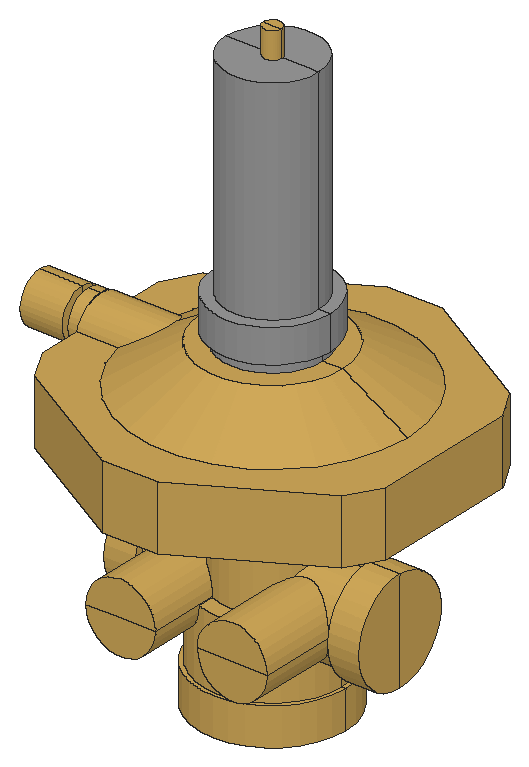
Revit family "Differential Pressure Control Valve 4002 25-60kPa", category Rohrzubehör, Revit 2018
Family settings
  Bemaßung runder Anschluss = Durchmesser verwenden
  Teiletyp = Unterbricht
  OmniClass-Nummer = 23.65.55.14
  OmniClass-Titel = Valves for Liquid Services
  Arbeitsebenenbasiert = Nein
  Immer vertikal = Ja
  Beim Laden mit Abzugskörper schneiden = Nein
  Gemeinsam genutzt = Nein
Parameters (values of type "without insulation")
  y2 [instance] = K14 + K9 + H01  # 45.649 mm
  y1 [instance] = (R03 * 2) + R05  # 66.000 mm
  Min. operating temperature (anti freeze) = -20 °C  # constant formula
  Max. operating temperature up to DN32 = 130 °C  # constant formula
  Max. operating temperature from DN40 = 110 °C  # constant formula
  Max. differential pressure on the body = 400000.0 Pa  # constant formula
  Max. operating pressure = 1600000.0 Pa  # constant formula
  Valve shaft = "stainless steel 14301"  # constant formula
  VRL01 [instance] = 30.000 mm  # constant formula
  V12 = 17.000 mm  # constant formula
  V10 = 16.000 mm  # constant formula
  V09 [instance] = 11.000 mm  # constant formula
  V08 [instance] = G01 + 3.000 mm  # 16.220 mm
  V03 [instance] = G01 + 5.000 mm  # 18.220 mm
  V02 [instance] = V01 + 4.500 mm  # 12.000 mm
  V01 [instance] = Nennweite / 2  # 7.500 mm
  URL = "www.herzvalves.com"
  SCRNSEQ = "ARM;ARM_TYP=\"DIFR\";2"
  SCRNCODE = "05;03;4"  # constant formula
  S07 = 10.000 mm  # constant formula
  S05 [instance] = S01 - 1.000 mm  # 13.850 mm
  S04 [instance] = S02 - 1.000 mm  # 18.000 mm
  S03 [instance] = size_lookup("4002 25-60kPa", "S03", 26.500 mm, Nennweite)  # 25.600 mm
  S02 [instance] = size_lookup("4002 25-60kPa", "S02", 19.000 mm, Nennweite)  # 19.000 mm
  S01 [instance] = size_lookup("4002 25-60kPa", "S01", 14.850 mm, Nennweite)  # 14.850 mm
  Regulator connection nut = "brass CW614N"  # constant formula
  Model = "The differential pressure controller is a straight-version linear controller and works without auxiliary power. The\r\nnominal differential pressure can be continuously adjusted from 50 to 300 mbar and 250 to 600 mbar, respectively.\r\nThe value for the setting can be read from the diagram. The nominal set point is factory preset to a minimum. If\r\nnecessary, the nominal set point can be adjusted using the pre-setting key (1 4002 01). A capillary tube (1000 mm) is\r\nincluded and should be connected to the circuit regulating valve in the supply line."
  Control range = "25 - 60kPa"  # constant formula
  R06 [instance] = size_lookup("4002 25-60kPa", "R06", 14.500 mm, Nennweite)  # 14.500 mm
  R05 [instance] = size_lookup("4002 25-60kPa", "R05", 41.000 mm, Nennweite)  # 50.000 mm
  R04 [instance] = size_lookup("4002 25-60kPa", "R04", 12.500 mm, Nennweite)  # 12.500 mm
  R03 [instance] = size_lookup("4002 25-60kPa", "R03", 8.000 mm, Nennweite)  # 8.000 mm
  R02 = 14.500 mm  # constant formula
  R01 [instance] = size_lookup("4002 25-60kPa", "R01", 11.500 mm, Nennweite)  # 11.500 mm
  Min. operating temperature (pure water) = 2 °C  # constant formula
  O-Rings = "EPDM"  # constant formula
  Nennweite [instance] = 15.000 mm
  Membrane body = "brass CW602N"  # constant formula
  Membrane = "EPDM"  # constant formula
  Medium = "Water purity in accordance with the ÖNORM H 5195 and VDI 2035 standards.\r\nEthylene and propylene glycol can be mixed to a ratio of 25 - 50 vol. [%]"
  L07 [instance] = size_lookup("4002 25-60kPa", "L07", 28.500 mm, Nennweite)  # 33.000 mm
  L06 = 7.000 mm  # constant formula
  L [instance] = size_lookup("4002 25-60kPa", "L", 66.000 mm, Nennweite)  # 66.000 mm
  K9 = 4.000 mm  # constant formula
  K8 = 55.000 mm  # constant formula
  K7 = 8.700 mm  # constant formula
  K6 = 11.700 mm  # constant formula
  K5 = 13.000 mm  # constant formula
  K4 = 12.000 mm  # constant formula
  K3 = 15.000 mm  # constant formula
  K2 = 2.350 mm  # constant formula
  K18 = 89.000 mm  # constant formula
  K17 = 66.700 mm  # constant formula
  K16 = 3.000 mm  # constant formula
  K15 = 26.649 mm  # constant formula
  K14 = 16.649 mm  # constant formula
  K13 = 16.649 mm  # constant formula
  K12 = 10.000 mm  # constant formula
  K11 = 35.000 mm  # constant formula
  K10 = 18.250 mm  # constant formula
  K1.1 = 2.350 mm  # constant formula
  K1 = 7.651 mm - 1.000 mm  # 6.651 mm
  J9 = 15.700 mm  # constant formula
  J8 = 7.850 mm  # constant formula
  J7 = 15.897 mm  # constant formula
  J6 = 3.900 mm  # constant formula
  J5 = 6.500 mm  # constant formula
  J4 = 1.500 mm  # constant formula
  J3 = 3.200 mm  # constant formula
  J2 = 11.000 mm  # constant formula
  J11 = 3.500 mm  # constant formula
  J10 = 18.897 mm  # constant formula
  J1 = 6.500 mm  # constant formula
  Hersteller = "HERZ-Armaturen Ges.m.b.H"  # constant formula
  H2 [instance] = size_lookup("4002 25-60kPa", "H2", 28.000 mm, Nennweite)  # 28.000 mm
  H1 [instance] = K1 + K2 + K3 + K4 + K5 + K7 + K8 + K16 + 16.650 mm  # 132.351 mm
  H04 = 4.000 mm  # constant formula
  H03 = 9.800 mm  # constant formula
  H02 [instance] = size_lookup("4002 25-60kPa", "H02", 53.000 mm, Nennweite)  # 53.000 mm
  H01 [instance] = size_lookup("4002 25-60kPa", "H01", 25.000 mm, Nennweite)  # 25.000 mm
  Body = "DZR brass CC770S"  # constant formula
  G01 [instance] = size_lookup("4002 25-60kPa", "G01", 13.220 mm, Nennweite)  # 13.220 mm
  Adjusting spindle = "brass CW614N"  # constant formula
  Materials = "EPDM gaskets can be affected by mineral oil lubricants and thus lead to failure of the EPDM seals. Please refer\r\nto manufacturers documentation when using ethylene glycol products for frost and corrosion protection."
  Dämmung = no
  Insulation shell = "EPP (expanded polypropylen)"  # constant formula
  Compression spring = "spring steel 14310 NS"  # constant formula
  DN50 [instance] = Nennweite = 50.000 mm  # no
  DN40 [instance] = Nennweite = 40.000 mm  # no
  DN32-40 [instance] = or(Nennweite = 32.000 mm, Nennweite = 40.000 mm)  # no
  DN32 [instance] = Nennweite = 32.000 mm  # no
  DN25 [instance] = Nennweite = 25.000 mm  # no
  DN20 [instance] = Nennweite = 20.000 mm  # no
  DN15-25 [instance] = or(Nennweite = 15.000 mm, Nennweite = 20.000 mm, Nennweite = 25.000 mm)  # yes
  DN15,20,25,32,50 [instance] = or(Nennweite = 15.000 mm, Nennweite = 20.000 mm, Nennweite = 25.000 mm, Nennweite = 32.000 mm, Nennweite = 50.000 mm)  # yes
  DN15 [instance] = Nennweite = 15.000 mm  # yes
  D07 [instance] = if(Nennweite = 15.000 mm, 32.000 mm, if(Nennweite = 20.000 mm, 33.000 mm, if(Nennweite = 25.000 mm, 33.000 mm, if(Nennweite = 32.000 mm, 49.000 mm, if(Nennweite = 40.000 mm, 57.560 mm, if(Nennweite = 50.000 mm, 57.560 mm, 0.000 mm))))))  # 32.000 mm
  D06 [instance] = if(Nennweite = 15.000 mm, 32.000 mm, if(Nennweite = 20.000 mm, 33.000 mm, if(Nennweite = 25.000 mm, 33.000 mm, if(Nennweite = 32.000 mm, 49.000 mm, if(Nennweite = 40.000 mm, 57.560 mm, if(Nennweite = 50.000 mm, 57.560 mm, 0.000 mm))))))  # 32.000 mm
  D05 [instance] = if(Nennweite = 15.000 mm, 36.750 mm, if(Nennweite = 20.000 mm, 40.700 mm, if(Nennweite = 25.000 mm, 49.200 mm, if(Nennweite = 32.000 mm, 54.150 mm, if(Nennweite = 40.000 mm, 60.750 mm, if(Nennweite = 50.000 mm, 72.700 mm, 0.000 mm))))))  # 36.750 mm
  D04 [instance] = if(Nennweite = 15.000 mm, 78.500 mm, if(Nennweite = 20.000 mm, 82.000 mm, if(Nennweite = 25.000 mm, 84.000 mm, if(Nennweite = 32.000 mm, 120.000 mm, if(Nennweite = 40.000 mm, 130.000 mm, if(Nennweite = 50.000 mm, 130.500 mm, 0.000 mm))))))  # 78.500 mm
  D03 [instance] = if(Nennweite = 15.000 mm, 96.000 mm, if(Nennweite = 20.000 mm, 110.000 mm, if(Nennweite = 25.000 mm, 112.000 mm, if(Nennweite = 32.000 mm, 152.000 mm, if(Nennweite = 40.000 mm, 170.000 mm, if(Nennweite = 50.000 mm, 179.000 mm, 0.000 mm))))))  # 96.000 mm
  D02 [instance] = size_lookup("4002 25-60kPa", "R05", 41.000 mm, Nennweite)  # 50.000 mm
  D01 [instance] = size_lookup("4002 25-60kPa", "G01", 13.220 mm, Nennweite)  # 13.220 mm
  Bestellnummer Dämmung [instance] = if(and(Dämmung, Nennweite = 15.000 mm), 1409611, if(and(Dämmung, Nennweite = 20.000 mm), 1409612, if(and(Dämmung, Nennweite = 25.000 mm), 1409613, if(and(Dämmung, Nennweite = 32.000 mm), 1409614, if(and(Dämmung, Nennweite = 40.000 mm), 1409615, if(and(Dämmung, Nennweite = 50.000 mm), 1409616, 0))))))  # 0
  Bestellnummer [instance] = size_lookup("4002 25-60kPa", "Artnr", 0, Nennweite)  # 1400261
  B2 [instance] = size_lookup("4002 25-60kPa", "B2", 31.000 mm, Nennweite)  # 31.000 mm
  B1 [instance] = size_lookup("4002 25-60kPa", "B1", 26.000 mm, Nennweite)  # 26.000 mm
  B04 = 100.649 mm  # constant formula
  B03 = 44.500 mm  # constant formula
  B02 = 104.688 mm  # constant formula
  B01 = 10.000 mm  # constant formula
  Indicator sleeve = "plastic (red)"  # constant formula
  Application = "Differential pressure controllers are used to stabilize the differential pressure in heating and cooling circuits and ensure the\r\nindependence of the loads from dynamic pressure fluctuations in the system."
  Connection nipple = "brass CW602N"  # constant formula
Types (2, lengths in mm): name | y2 | y1 | V08 | V03 | V02 | V01 | S03 | Model | R05 | R04 | R03 | R01 | Nennweite | Medium | L07 | L | H2 | H02 | H01 | G01 | Materials | Dämmung | DN25 | DN15 | D07 | D06 | D05 | D04 | D03 | D02 | D01 | Bestellnummer Dämmung | Bestellnummer | B2 | B1
  with insulation | 46.649 | 76.000 | 23.600 | 25.600 | 17.000 | 12.500 | 29.000 | "The differential pressure controller is a straight-version linear controller and works without auxiliary power. The\r\nnominal differential pressure can be continuously adjusted from 50 to 300 mbar and 250 to 600 mbar, respectively.\r\nThe value for the setting can be read from the diagram. The nominal set point is factory preset to a minimum. If\r\nnecessary, the nominal set point can be adjusted using the pre-setting key (1 4002 01). A capillary (1000 mm) is\r\nincluded and should be connected to the circuit regulating valve in the flow." | 58.200 | 14.500 | 8.900 | 14.800 | 25.000 | "Water purity in accordance with the ÖNORM H 5195 and VDI 2035 standards\r\nEthylene and propylene glycol can be mixed to a ratio of 25 - 50 vol. [%]" | 38.000 | 76.000 | 29.000 | 54.500 | 26.000 | 20.600 | "EPDM gaskets can be affected by Mineral oils lubricants and thus lead to failure of the EPDM seals. Please refer\r\nto manufacturers documentation when using ethylene glycol products for frost and corrosion protection" | yes | yes | no | 33.000 | 33.000 | 49.200 | 84.000 | 112.000 | 58.200 | 20.600 | 1409613 | 1400263 | 33.000 | 28.000
  without insulation | 45.649 | 66.000 | 16.220 | 18.220 | 12.000 | 7.500 | 25.600 | "The differential pressure controller is a straight-version linear controller and works without auxiliary power. The\r\nnominal differential pressure can be continuously adjusted from 50 to 300 mbar and 250 to 600 mbar, respectively.\r\nThe value for the setting can be read from the diagram. The nominal set point is factory preset to a minimum. If\r\nnecessary, the nominal set point can be adjusted using the pre-setting key (1 4002 01). A capillary tube (1000 mm) is\r\nincluded and should be connected to the circuit regulating valve in the supply line." | 50.000 | 12.500 | 8.000 | 11.500 | 15.000 | "Water purity in accordance with the ÖNORM H 5195 and VDI 2035 standards.\r\nEthylene and propylene glycol can be mixed to a ratio of 25 - 50 vol. [%]" | 33.000 | 66.000 | 28.000 | 53.000 | 25.000 | 13.220 | "EPDM gaskets can be affected by mineral oil lubricants and thus lead to failure of the EPDM seals. Please refer\r\nto manufacturers documentation when using ethylene glycol products for frost and corrosion protection." | no | no | yes | 32.000 | 32.000 | 36.750 | 78.500 | 96.000 | 50.000 | 13.220 | 0 | 1400261 | 31.000 | 26.000
Reference planes
  plane 1 "Mitte (Vorne/hinten)": y = 0
  plane 2: z = 0
  plane 3 "Mitte (Links/rechts)": x = 0
Forms (mm)
  Revolve 1, solid, material "Messing, weicher Gelbton, geschweißt", detail levels fine
    sketch origin (0, 0, 0) x (1, 0, 0) y (0, 0, 1)
      loop
        line (-33, 0) -> (33, 0) -> (33, 13.22) -> (25, 13.22) -> (25, 11.5) -> (-25, 11.5) -> (-25, 13.22) -> (-33, 13.22) -> (-33, 0)
      axis (-33, 0) -> (33, 0)
    angle from 0 to 360
  Revolve 2, solid, material "Messing, weicher Gelbton, geschweißt", detail levels fine
    sketch origin (0, 0, 0) x (1, 0, 0) y (0, 0, 1)
      loop
        line (0, -28) -> (0, 0) -> (-18, 0) -> (-18, -18.2) -> (-19, -18.2) -> (-19, -28) -> (0, -28)
      axis (0, 0) -> (0, -28)
    angle from 0 to 360
  Extrusion 3, solid, material "Messing, weicher Gelbton, geschweißt", detail levels fine
    sketch origin (0, 0, 0) x (0, -1, 0) y (1, 0, 0)
      loop
        line (-46, -7.038) -> (-27.114, -39.75) -> (-18.886, -44.5) -> (18.886, -44.5) -> (27.114, -39.75) -> (46, -7.038) -> (46, 7.038) -> (27.114, 39.75) -> (18.886, 44.5) -> (-18.886, 44.5) -> (-27.114, 39.75) -> (-46, 7.038) -> (-46, -7.038)
    from 29 to 45.649
  Revolve 4, solid, material "Messing, weicher Gelbton, geschweißt", detail levels fine
    sketch origin (0, 0, -7.051) x (1, 0, 0) y (0, 0, 1)
      loop
        line (0, 52.7) -> (0, 62.7) -> (-18.25, 62.7) -> (-35, 52.7) -> (0, 52.7)
      axis (0, 62.7) -> (0, 52.7)
    angle from 0 to 360
  Revolve 5, solid, material "Messing, weicher Gelbton, geschweißt", visible <- "DN15-25", detail levels fine
    sketch origin (-11, 0, 0) x (1, 0, 0) y (0, 1, 0)
      loop
        line (-1.5, 26) -> (-9.2, 26) -> (-9.2, 0) -> (-1.5, 0) -> (-1.5, 26)
      axis (-1.5, 0) -> (-1.5, 26)
    angle from 0 to 360
  Revolve 6, solid, material "Messing, weicher Gelbton, geschweißt", visible <- "DN15,20,25,32,50", detail levels fine
    sketch origin (-0.988, 0, -6.853) x (-1, 0, 0) y (0, 0, 1)
      loop
        line (43.5, 51.75) -> (59.2, 51.75) -> (59.2, 58.25) -> (48.2, 58.25) -> (48.2, 55.65) -> (46.7, 55.65) -> (46.7, 58.25) -> (43.5, 58.25) -> (43.5, 51.75)
      axis (43.5, 51.75) -> (59.2, 51.75)
    angle from 0 to 360
  Extrusion 7, solid, material "Messing, weicher Gelbton, geschweißt", visible <- "DN15,20,25,32,50", detail levels fine
    sketch origin (0, 0, 0) x (0, 1, 0) y (0, 0, -1)
      loop
        line (7.85, -43.547) -> (7.85, -32.5) -> (-7.85, -32.5) -> (-7.85, -43.547)
        arc (-7.85, -43.547) -> (0, -51.397) -> (7.85, -43.547) r 7.85
    from 0 to 44.5
  Revolve 8, solid, material "Kunststoff rot", detail levels fine
    sketch origin (0, 0, 0) x (1, 0, 0) y (0, 0, 1)
      loop
        line (-12, 122.349) -> (-12, 67.349) -> (-15, 67.349) -> (-15, 58.649) -> (-13, 58.649) -> (-13, 55.649) -> (0, 55.649) -> (0, 122.349) -> (-12, 122.349)
      axis (0, 122.349) -> (0, 55.649)
    angle from 0 to 360
  Revolve 9, solid, material "Messing, weicher Gelbton, geschweißt", visible <- "DN15-25", detail levels fine
    sketch origin (-2, 0, 0) x (1, 0, 0) y (0, 1, 0)
      loop
        line (-12.5, 0) -> (-21.5, 0) -> (-21.5, -31) -> (-12.5, -31) -> (-12.5, 0)
      axis (-12.5, 0) -> (-12.5, -31)
    angle from 0 to 360
  Revolve 10, solid, material "Messing, weicher Gelbton, geschweißt", visible <- "DN15-25", detail levels fine
    sketch origin (2, 0, 0) x (1, 0, 0) y (0, 1, 0)
      loop
        line (12.5, 0) -> (12.5, -31) -> (21.6, -31) -> (21.6, 0) -> (12.5, 0)
      axis (12.5, 0) -> (12.5, -31)
    angle from 0 to 360
  Extrusion 11, solid, material "Messing, weicher Gelbton, geschweißt", visible <- "DN32", detail levels fine
    sketch origin (-31.5, 0, 0) x (1, 0, 0) y (0, 1, 0)
      loop
        circle (63, 0) r 6.578
      loop
        circle (63, 0) r 3.28
    from -47 to 0
  Extrusion 12, solid, material "Messing, weicher Gelbton, geschweißt", visible <- "DN32", detail levels fine
    sketch origin (31.5, 0, 0) x (-1, 0, 0) y (0, -1, 0)
      loop
        circle (63, 0) r 6.578
      loop
        circle (63, 0) r 3.28
    from -47 to 0
  Revolve 13, solid, material "Messing, weicher Gelbton, geschweißt", detail levels fine
    sketch origin (0, 0, 0) x (1, 0, 0) y (0, 0, 1)
      loop
        line (-13.85, 0) -> (0, 0) -> (0, 29) -> (-9.85, 29) -> (-9.85, 25) -> (-14.85, 25) -> (-14.85, 15.2) -> (-13.85, 15.2) -> (-13.85, 0)
      axis (0, 29) -> (0, 0)
    angle from 0 to 360
  Extrusion 14, solid, material "Messing, weicher Gelbton, geschweißt", visible <- "DN40", detail levels fine
    sketch origin (29.382, 0, 0) x (-1, 0, 0) y (0, -1, 0)
      loop
        circle (63, 0) r 6.578
      loop
        circle (63, 0) r 3.28
    from -58 to 0
  Extrusion 15, solid, material "Messing, weicher Gelbton, geschweißt", visible <- "DN40", detail levels fine
    sketch origin (-29.455, 0, 0) x (1, 0, 0) y (0, 1, 0)
      loop
        circle (63, 0) r 6.578
      loop
        circle (63, 0) r 3.28
    from -58 to 0
  Extrusion 16, solid, material "Messing, weicher Gelbton, geschweißt", visible <- "DN50", detail levels fine
    sketch origin (28.422, 0, 0) x (-1, 0, 0) y (0, -1, 0)
      loop
        circle (63, 0) r 6.578
      loop
        circle (63, 0) r 3.28
    from -58 to 0
  Extrusion 17, solid, material "Messing, weicher Gelbton, geschweißt", visible <- "DN50", detail levels fine
    sketch origin (-28.422, 0, 0) x (1, 0, 0) y (0, 1, 0)
      loop
        circle (63, 0) r 6.578
      loop
        circle (63, 0) r 3.28
    from -58 to 0
  Revolve 18, solid, material "Messing, weicher Gelbton, geschweißt", detail levels fine
    sketch origin (0, 0, 10) x (1, 0, 0) y (0, 0, 1)
      loop
        line (-2.35, 111.349) -> (0, 111.349) -> (0, 119) -> (-2.35, 119) -> (-2.35, 111.349)
      axis (0, 119) -> (0, 111.349)
    angle from 0 to 360
  Revolve 19, solid, material "Messing, weicher Gelbton, geschweißt", visible <- "DN32-40", detail levels fine
    sketch origin (-11, 0, 0) x (1, 0, 0) y (0, 1, 0)
      loop
        line (-1.5, -26) -> (-1.5, 0) -> (-9.2, 0) -> (-9.2, -26) -> (-1.5, -26)
      axis (-1.5, 0) -> (-1.5, -26)
    angle from 0 to 360
  Extrusion 20, solid, material "Messing, weicher Gelbton, geschweißt", visible <- "DN40", detail levels fine
    sketch origin (0, 0, 0) x (0, 1, 0) y (0, 0, 1)
      loop
        arc (7.85, 74.047) -> (0, 81.897) -> (-7.85, 74.047) r 7.85
        line (-7.85, 74.047) -> (-7.85, 63) -> (7.85, 63) -> (7.85, 74.047)
    from 0 to 44.5
  Revolve 21, solid, material "Messing, weicher Gelbton, geschweißt", visible <- "DN40", detail levels fine
    sketch origin (0.988, 0, -6.853) x (1, 0, 0) y (0, 0, 1)
      loop
        line (43.5, 82.25) -> (59.2, 82.25) -> (59.2, 88.75) -> (48.2, 88.75) -> (48.2, 86.15) -> (46.7, 86.15) -> (46.7, 88.75) -> (43.5, 88.75) -> (43.5, 82.25)
      axis (43.5, 82.25) -> (59.2, 82.25)
    angle from 0 to 360
  Revolve 22, solid, material "Messing, weicher Gelbton, geschweißt", not visible, detail levels fine
    sketch origin (12.3, 0, 0) x (-1, 0, 0) y (0, 0, 1)
      loop
        line (45.3, 0) -> (75.3, 0) -> (75.3, 7.5) -> (58.3, 7.5) -> (58.3, 12) -> (49.3, 12) -> (49.3, 18.22) -> (42.3, 18.22) -> (42.3, 16.22) -> (37.3, 16.22) -> (37.3, 13.22) -> (45.3, 13.22) -> (45.3, 0)
      axis (37.3, 0) -> (75.3, 0)
    angle from 0 to 360
  Revolve 23, solid, material "Messing, weicher Gelbton, geschweißt", not visible, detail levels fine
    sketch origin (-12.3, 0, 0) x (1, 0, 0) y (0, 0, 1)
      loop
        line (45.3, 0) -> (75.3, 0) -> (75.3, 7.5) -> (58.3, 7.5) -> (58.3, 12) -> (49.3, 12) -> (49.3, 18.22) -> (42.3, 18.22) -> (42.3, 16.22) -> (37.3, 16.22) -> (37.3, 13.22) -> (45.3, 13.22) -> (45.3, 0)
      axis (37.3, 0) -> (75.3, 0)
    angle from 0 to 360
  Revolve 24, solid, material "Kunststoff-Anthrazit/Schwarz", visible <- "Dämmung", detail levels fine
    sketch origin (0, 0, 0) x (1, 0, 0) y (0, 0, 1)
      loop
        line (48, 32) -> (-48, 32) -> (-48, 13.22) -> (-25, 13.22) -> (-25, 0) -> (25, 0) -> (25, 13.22) -> (48, 13.22) -> (48, 32)
      axis (-48, 0) -> (48, 0)
    angle from 0 to 360
  Revolve 25, solid, material "Kunststoff-Anthrazit/Schwarz", visible <- "Dämmung", detail levels fine
    sketch origin (0, 0, 0) x (1, 0, 0) y (0, 0, 1)
      loop
        line (0, -46.5) -> (36.75, -46.5) -> (36.75, 32) -> (0, 32) -> (0, -46.5)
      axis (0, 32) -> (0, -46.5)
    angle from 0 to 360
  Extrusion 26, void
    sketch origin (-473.525, -85, 0) x (1, 0, 0) y (0, 1, 0)
      loop
        line (328.595, -39.754) -> (603.525, -39.754) -> (603.525, 170) -> (328.595, 170) -> (328.595, -39.754)
    from 29 to 45.649
  Extrusion 27, void
    sketch origin (-329.879, -55, 0) x (1, 0, 0) y (0, 1, 0)
      loop
        line (182.147, -28.807) -> (489.879, -28.807) -> (489.879, 155) -> (182.147, 155) -> (182.147, -28.807)
    from 29 to 45.649
Cuts and joins
  Extrusion 26 cuts Revolve 24
  Extrusion 27 cuts Revolve 25
Lines and regions (mm)
  model lines, detail levels coarse+medium
    curve 1: line (33, -13.22, 0) -> (33, 13.22, 0)
    curve 2: line (33, 13.22, 0) -> (-33, -13.22, 0)
    curve 3: line (-33, -13.22, 0) -> (-33, 13.22, 0)
    curve 4: line (-33, 13.22, 0) -> (33, -13.22, 0)
    curve 5: line (0, -15, 0) -> (0, -29, 0)
    curve 6: spline (-44.5, -37.324, 0) -> (-42.984, -35.17, 0) -> (-38.538, -33.162, 0) -> (-31.466, -31.438, 0) -> (-22.25, -30.115, 0) -> (-11.517, -29.284, 0) -> (0, -29, 0) -> (11.517, -29.284, 0) -> (22.25, -30.115, 0) -> (31.466, -31.438, 0) -> (38.538, -33.162, 0) -> (42.984, -35.17, 0) -> (44.5, -37.325, 0) -> (42.984, -39.479, 0) -> (38.538, -41.487, 0) -> (31.466, -43.211, 0) -> (22.25, -44.534, 0) -> (11.517, -45.365, 0) -> (0, -45.649, 0) -> (-11.517, -45.365, 0) -> (-22.25, -44.534, 0) -> (-31.466, -43.211, 0) -> (-38.538, -41.487, 0) -> (-42.984, -39.479, 0) -> (-44.5, -37.324, 0)
    curve 7: line (-33, 0, 13.22) -> (-33, 0, -13.22)
    curve 8: line (-33, 0, -13.22) -> (33, 0, 13.22)
    curve 9: line (33, 0, 13.22) -> (33, 0, -13.22)
    curve 10: line (33, 0, -13.22) -> (-33, 0, 13.22)
    curve 11: line (0, 0, 13.22) -> (0, 0, 29)
    curve 12: spline (-44.5, 0, 37.325) -> (-42.984, 0, 39.479) -> (-38.538, 0, 41.487) -> (-31.466, 0, 43.211) -> (-22.25, 0, 44.534) -> (-11.517, 0, 45.365) -> (0, 0, 45.649) -> (11.517, 0, 45.365) -> (22.25, 0, 44.534) -> (31.466, 0, 43.211) -> (38.538, 0, 41.487) -> (42.984, 0, 39.479) -> (44.5, 0, 37.324) -> (42.984, 0, 35.17) -> (38.538, 0, 33.162) -> (31.466, 0, 31.438) -> (22.25, 0, 30.115) -> (11.517, 0, 29.284) -> (0, 0, 29) -> (-11.517, 0, 29.284) -> (-22.25, 0, 30.115) -> (-31.466, 0, 31.438) -> (-38.538, 0, 33.162) -> (-42.984, 0, 35.17) -> (-44.5, 0, 37.325)
    curve 13: line (0, 0, 13.22) -> (16.5, 0, 6.61)
    curve 14: line (0, 0, 13.22) -> (-16.5, 0, 6.61)
    curve 15: line (33, 0, 0) -> (63, 0, 0)
    curve 16: line (-33, 0, 0) -> (-63, 0, 0)
    curve 17: line (0, -15, 0) -> (-22.716, -9.1, 0)
    curve 18: line (0, -15, 0) -> (22.716, -9.1, 0)
    curve 19: line (33, 0, 13.22) -> (33, 0, -13.22)
    curve 20: line (33, 0, 13.22) -> (43, 0, 13.22)
    curve 21: line (43, 0, 13.22) -> (33, 0, 0)
    curve 22: line (43, 0, -13.22) -> (33, 0, 0)
    curve 23: line (33, 0, -13.22) -> (43, 0, -13.22)
    curve 24: line (-33, 0, 13.22) -> (-33, 0, -13.22)
    curve 25: line (-33, 0, 13.22) -> (-43, 0, 13.22)
    curve 26: line (-43, 0, 13.22) -> (-33, 0, 0)
    curve 27: line (-43, 0, -13.22) -> (-33, 0, 0)
    curve 28: line (-33, 0, -13.22) -> (-43, 0, -13.22)
    curve 29: line (-33, 13.22, 0) -> (-43, 13.22, 0)
    curve 30: line (-43, 13.22, 0) -> (-33, 0, 0)
    curve 31: line (-33, -13.22, 0) -> (-43, -13.22, 0)
    curve 32: line (-43, -13.22, 0) -> (-33, 0, 0)
    curve 33: line (33, -13.22, 0) -> (33, 13.22, 0)
    curve 34: line (33, 13.22, 0) -> (43, 13.22, 0)
    curve 35: line (43, 13.22, 0) -> (33, 0, 0)
    curve 36: line (33, -13.22, 0) -> (43, -13.22, 0)
    curve 37: line (43, -13.22, 0) -> (33, 0, 0)
Dimensions and locks
  "G01": Revolve 1 sketch curve to Revolve 1 sketch curve  (x2)
  "R01": Revolve 1 sketch curve to Revolve 1 sketch curve
  "R03": Revolve 1 sketch curve to Revolve 1 sketch curve  (x2)
  "K10": Revolve 4 sketch curve to Revolve 4 sketch curve
  "K11": Revolve 4 sketch curve to Revolve 4 sketch curve
  "B1": Revolve 5 sketch curve to Revolve 5 sketch curve
  "J1": Revolve 6 sketch curve to Revolve 6 sketch curve
  "J3": Revolve 6 sketch curve to Revolve 6 sketch curve
  "J4": Revolve 6 sketch curve to Revolve 6 sketch curve
  "J2": Revolve 6 sketch curve to Revolve 6 sketch curve
  "J5": Revolve 6 sketch curve to Revolve 6 sketch curve
  "J6": Revolve 6 sketch curve to Revolve 6 sketch curve
  "H2": plane 2 to Revolve 2 sketch curve
  "H03": Revolve 2 sketch curve to Revolve 2 sketch curve
  "S02": plane 3 "Mitte (Links/rechts)" to Revolve 2 sketch curve
  "B02": Revolve 6 to Extrusion 3
  "B03": Extrusion 3 to plane 3 "Mitte (Links/rechts)"
  "R04": Revolve 5 sketch curve to plane 3 "Mitte (Links/rechts)"
  "K4": Revolve 8 sketch curve to Revolve 8 sketch curve
  "K3": Revolve 8 sketch curve to Revolve 8 sketch curve
  "K7": Revolve 8 sketch curve to Revolve 8 sketch curve
  "K5": Revolve 8 sketch curve to Revolve 8 sketch curve
  "K8": Revolve 8 sketch curve to Revolve 8 sketch curve
  "K12": Revolve 4 sketch curve to Revolve 4 sketch curve
  "K13": Revolve 4 sketch curve to Extrusion 3
  "K14": Extrusion 3 to Extrusion 3
  "K16": Revolve 8 sketch curve to Revolve 8 sketch curve
  "K15": Revolve 8 to Extrusion 3
  "R05": Revolve 1 sketch curve to Revolve 1 sketch curve
  plane 3 "Mitte (Links/rechts)" to Revolve 1 sketch curve = 33.000 mm
  Revolve 1 sketch curve to plane 3 "Mitte (Links/rechts)" = 33.000 mm
  equal spacing: Revolve 1 sketch curve, plane 3 "Mitte (Links/rechts)", Revolve 1 sketch curve
  "B2": plane 1 "Mitte (Vorne/hinten)" to Revolve 9 sketch curve
  "B2": Revolve 10 sketch curve to plane 1 "Mitte (Vorne/hinten)"
  "R06": Revolve 9 sketch curve to plane 3 "Mitte (Links/rechts)"
  "R06": plane 3 "Mitte (Links/rechts)" to Revolve 10 sketch curve
  "S01": Revolve 13 sketch curve to plane 3 "Mitte (Links/rechts)"
  "S05": plane 3 "Mitte (Links/rechts)" to Revolve 13 sketch curve
  "H04": Revolve 13 sketch curve to Revolve 13 sketch curve
  "H03": Revolve 13 sketch curve to Revolve 13 sketch curve
  "H01": Revolve 13 sketch curve to plane 2
  "K9": Extrusion 3 to Revolve 13
  Revolve 2 sketch curve to Revolve 2 sketch curve = 1.000 mm
  "J7": Revolve 6 sketch curve to Extrusion 3
  "J9": Extrusion 7 sketch curve to Extrusion 7 sketch curve
  "J10": Revolve 6 to Extrusion 7 sketch curve
  "J11": Extrusion 7 sketch curve to Extrusion 3
  equal spacing: curve 7, curve 6, curve 9
  "K18": Extrusion 3 to Extrusion 3
  equal spacing: curve 7, curve 14, curve 14
  equal spacing: curve 14, curve 13, curve 9
  "G01": curve 10 to plane 2
  "G01": plane 2 to curve 8
  "G01": curve 9 to plane 2
  "G01": plane 2 to curve 10
  "K18": curve 12 to curve 12
  "y1": curve 7 to curve 9
  "G01": curve 14 to plane 2
  "K14": curve 12 to curve 12
  "y2": curve 12 to plane 2
  "G01": plane 1 "Mitte (Vorne/hinten)" to curve 4
  "G01": curve 3 to plane 1 "Mitte (Vorne/hinten)"
  equal spacing: curve 3, curve 12, curve 1
  equal spacing: curve 3, curve 18, curve 1
  "y1": curve 3 to curve 1
  "G01": plane 1 "Mitte (Vorne/hinten)" to curve 2
  "G01": curve 4 to plane 1 "Mitte (Vorne/hinten)"
  "K18": curve 6 to curve 6
  "K14": curve 6 to curve 6
  "y2": curve 6 to plane 1 "Mitte (Vorne/hinten)"
  "K1": Revolve 18 sketch curve to Revolve 8
  "K1.1": plane 3 "Mitte (Links/rechts)" to Revolve 18 sketch curve
  "B1": Revolve 19 sketch curve to Revolve 19 sketch curve
  "R04": Revolve 19 sketch curve to plane 3 "Mitte (Links/rechts)"
  Revolve 18 to Revolve 2 = 157.000 mm
  "J9": Extrusion 20 sketch curve to Extrusion 20 sketch curve
  "J1": Revolve 21 sketch curve to Revolve 21 sketch curve
  "J3": Revolve 21 sketch curve to Revolve 21 sketch curve
  "J4": Revolve 21 sketch curve to Revolve 21 sketch curve
  "J2": Revolve 21 sketch curve to Revolve 21 sketch curve
  "J5": Revolve 21 sketch curve to Revolve 21 sketch curve
  "J6": Revolve 21 sketch curve to Revolve 21 sketch curve
  "R03": Revolve 22 sketch curve to Revolve 22 sketch curve
  "V10": Revolve 22 sketch curve to Revolve 22 sketch curve
  "V12": Revolve 22 sketch curve to Revolve 22 sketch curve
  "VRL01": Revolve 22 sketch curve to Revolve 22 sketch curve
  "V02": Revolve 22 sketch curve to plane 2
  "V01": Revolve 22 sketch curve to plane 2
  "G01": Revolve 22 sketch curve to plane 2
  "V08": Revolve 22 sketch curve to plane 2
  "V03": Revolve 22 sketch curve to plane 2
  "R03": Revolve 23 sketch curve to Revolve 23 sketch curve
  "V10": Revolve 23 sketch curve to Revolve 23 sketch curve
  "V12": Revolve 23 sketch curve to Revolve 23 sketch curve
  "VRL01": Revolve 23 sketch curve to Revolve 23 sketch curve
  "V01": Revolve 23 sketch curve to plane 2
  "V02": Revolve 23 sketch curve to plane 2
  "G01": Revolve 23 sketch curve to plane 2
  "V08": Revolve 23 sketch curve to plane 2
  "V03": Revolve 23 sketch curve to plane 2
  "L07": Revolve 22 to plane 3 "Mitte (Links/rechts)"
  "L07": plane 3 "Mitte (Links/rechts)" to Revolve 23
  "S07": curve 28 to Revolve 22
  "S07": curve 26 to Revolve 22
  "S07": Revolve 23 to curve 21
  "S07": Revolve 23 to curve 23
  "G01": plane 2 to curve 28
  "G01": curve 25 to plane 2
  "G01": curve 20 to plane 2
  "G01": plane 2 to curve 23
  "S07": curve 30 to curve 3
  "S07": curve 32 to curve 3
  "S07": curve 33 to curve 35
  "S07": curve 33 to curve 37
  "D01": Revolve 24 sketch curve to plane 2  (x2)
  "D03": Revolve 24 sketch curve to Revolve 24 sketch curve
  "D02": Revolve 24 sketch curve to Revolve 24 sketch curve
  equal spacing: Revolve 24 sketch curve, plane 3 "Mitte (Links/rechts)", Revolve 24 sketch curve  (x2)
  "D05": Revolve 25 sketch curve to Revolve 25 sketch curve
  "D04": Revolve 25 sketch curve to Revolve 25 sketch curve
  "D06": Revolve 25 sketch curve to plane 2
  Revolve 9 to plane 1 "Mitte (Vorne/hinten)" = 31.000 mm
  "D07": Revolve 24 sketch curve to plane 2
  "K14": Extrusion 26 to Extrusion 26
  "K14": Extrusion 26 to Extrusion 3
  "K14": Extrusion 27 to Extrusion 27
  "K14": Extrusion 27 to Extrusion 3
  "J8": radius of Extrusion 7 sketch curve
  "J8": radius of Extrusion 20 sketch curve
  aligned and locked: level to plane 2
Automatic sketch dimensions
  plane 3 "Mitte (Links/rechts)" to Extrusion 3 sketch curve = 7.038 mm  (x2)
  Extrusion 3 sketch curve to plane 1 "Mitte (Vorne/hinten)" = 46.000 mm
  Extrusion 3 sketch curve to plane 1 "Mitte (Vorne/hinten)" = 27.114 mm  (x2)
  Extrusion 3 sketch curve to Extrusion 3 sketch curve = 8.227 mm  (x4)
  plane 1 "Mitte (Vorne/hinten)" to Extrusion 3 sketch curve = 18.886 mm  (x2)
  Extrusion 3 sketch curve to Extrusion 3 sketch curve = 18.886 mm
  Extrusion 3 sketch curve to plane 3 "Mitte (Links/rechts)" = 7.038 mm  (x2)
  Extrusion 3 sketch curve to Extrusion 3 sketch curve = 32.712 mm  (x4)
  Extrusion 3 sketch curve to Extrusion 3 sketch curve = 4.750 mm  (x2)
  Extrusion 11 sketch curve to Extrusion 11 sketch curve = 0.000 mm  (x2)
  plane 1 "Mitte (Vorne/hinten)" to Extrusion 11 sketch curve = 0.000 mm
  plane 3 "Mitte (Links/rechts)" to Extrusion 11 sketch curve = 31.500 mm
  Extrusion 12 sketch curve to Extrusion 12 sketch curve = 0.000 mm  (x2)
  plane 1 "Mitte (Vorne/hinten)" to Extrusion 12 sketch curve = 0.000 mm
  plane 3 "Mitte (Links/rechts)" to Extrusion 12 sketch curve = 31.500 mm
  Extrusion 14 sketch curve to Extrusion 14 sketch curve = 0.000 mm  (x2)
  plane 1 "Mitte (Vorne/hinten)" to Extrusion 14 sketch curve = 0.000 mm
  plane 3 "Mitte (Links/rechts)" to Extrusion 14 sketch curve = 33.618 mm
  Extrusion 15 sketch curve to Extrusion 15 sketch curve = 0.000 mm  (x2)
  plane 1 "Mitte (Vorne/hinten)" to Extrusion 15 sketch curve = 0.000 mm
  plane 3 "Mitte (Links/rechts)" to Extrusion 15 sketch curve = 33.545 mm
  Extrusion 16 sketch curve to Extrusion 16 sketch curve = 0.000 mm  (x2)
  plane 1 "Mitte (Vorne/hinten)" to Extrusion 16 sketch curve = 0.000 mm
  plane 3 "Mitte (Links/rechts)" to Extrusion 16 sketch curve = 34.578 mm
  Extrusion 17 sketch curve to Extrusion 17 sketch curve = 0.000 mm  (x2)
  plane 1 "Mitte (Vorne/hinten)" to Extrusion 17 sketch curve = 0.000 mm
  plane 3 "Mitte (Links/rechts)" to Extrusion 17 sketch curve = 34.578 mm
  plane 1 "Mitte (Vorne/hinten)" to Extrusion 26 sketch curve = 124.754 mm
  Extrusion 26 sketch curve to plane 1 "Mitte (Vorne/hinten)" = 85.000 mm
  Extrusion 26 sketch curve to plane 3 "Mitte (Links/rechts)" = 144.930 mm
  Extrusion 26 sketch curve to Extrusion 26 sketch curve = 274.930 mm
  plane 1 "Mitte (Vorne/hinten)" to Extrusion 27 sketch curve = 83.807 mm
  Extrusion 27 sketch curve to plane 1 "Mitte (Vorne/hinten)" = 100.000 mm
  Extrusion 27 sketch curve to plane 3 "Mitte (Links/rechts)" = 147.731 mm
  Extrusion 27 sketch curve to Extrusion 27 sketch curve = 307.731 mm
  curve 16 to level = 0.000 mm
  curve 11 to plane 3 "Mitte (Links/rechts)" = 0.000 mm
  curve 12 to plane 3 "Mitte (Links/rechts)" = 0.000 mm
  curve 15 to level = 0.000 mm
  curve 16 to curve 16 = 30.000 mm
  curve 15 to curve 15 = 30.000 mm
  plane 1 "Mitte (Vorne/hinten)" to curve 30 = 0.000 mm
  plane 1 "Mitte (Vorne/hinten)" to curve 32 = 0.000 mm
  curve 18 to plane 3 "Mitte (Links/rechts)" = 0.000 mm
  curve 6 to plane 3 "Mitte (Links/rechts)" = 0.000 mm
  plane 1 "Mitte (Vorne/hinten)" to curve 35 = 0.000 mm
  plane 1 "Mitte (Vorne/hinten)" to curve 37 = 0.000 mm
  curve 5 to curve 17 = 14.000 mm
  plane 1 "Mitte (Vorne/hinten)" to curve 17 = 9.100 mm
  plane 1 "Mitte (Vorne/hinten)" to curve 18 = 9.100 mm
  Revolve 1 sketch curve to level = 0.000 mm  (x2)
  Revolve 1 sketch curve to Revolve 1 sketch curve = 1473.530 mm
  Revolve 1 sketch curve to Revolve 1 sketch curve = 1806.148 mm
  Revolve 2 sketch curve to level = 0.000 mm
  Revolve 2 sketch curve to plane 3 "Mitte (Links/rechts)" = 0.000 mm  (x2)
  Revolve 2 sketch curve to Revolve 2 sketch curve = 1.000 mm
  Revolve 2 sketch curve to Revolve 2 sketch curve = 334.045 mm
  level to Revolve 2 sketch curve = 2218.015 mm
  Revolve 4 sketch curve to plane 3 "Mitte (Links/rechts)" = 0.000 mm  (x2)
  Revolve 4 sketch curve to level = 373.096 mm
  Revolve 4 sketch curve to Revolve 4 sketch curve = 2155.315 mm
  plane 1 "Mitte (Vorne/hinten)" to Revolve 5 sketch curve = 0.000 mm  (x2)
  Revolve 5 sketch curve to Revolve 5 sketch curve = 0.000 mm  (x2)
  Revolve 5 sketch curve to Revolve 5 sketch curve = 7.700 mm
  plane 3 "Mitte (Links/rechts)" to Revolve 6 sketch curve = 44.488 mm
  Revolve 6 sketch curve to Revolve 6 sketch curve = 0.000 mm  (x3)
  Extrusion 7 sketch curve to plane 1 "Mitte (Vorne/hinten)" = 0.000 mm
  Extrusion 7 sketch curve to Extrusion 7 sketch curve = 11.047 mm
  Extrusion 7 sketch curve to Extrusion 7 sketch curve = 0.000 mm
  Revolve 8 sketch curve to plane 3 "Mitte (Links/rechts)" = 0.000 mm  (x2)
  level to Revolve 8 sketch curve = 55.649 mm
  Revolve 8 sketch curve to Revolve 8 sketch curve = 0.000 mm  (x2)
  plane 1 "Mitte (Vorne/hinten)" to Revolve 9 sketch curve = 0.000 mm  (x2)
  Revolve 9 sketch curve to Revolve 9 sketch curve = 9.000 mm
  Revolve 9 sketch curve to Revolve 9 sketch curve = 0.000 mm  (x2)
  plane 1 "Mitte (Vorne/hinten)" to Revolve 10 sketch curve = 0.000 mm  (x2)
  Revolve 10 sketch curve to Revolve 10 sketch curve = 9.100 mm
  Revolve 10 sketch curve to Revolve 10 sketch curve = 0.000 mm  (x2)
  Revolve 13 sketch curve to level = 0.000 mm  (x2)
  Revolve 13 sketch curve to plane 3 "Mitte (Links/rechts)" = 0.000 mm  (x2)
  Revolve 13 sketch curve to Revolve 13 sketch curve = 5.000 mm
  Revolve 13 sketch curve to Revolve 13 sketch curve = 0.000 mm
  Revolve 18 sketch curve to plane 3 "Mitte (Links/rechts)" = 0.000 mm  (x2)
  Revolve 18 sketch curve to Revolve 18 sketch curve = 7.651 mm
  Revolve 18 sketch curve to Revolve 18 sketch curve = 0.000 mm  (x2)
  plane 1 "Mitte (Vorne/hinten)" to Revolve 19 sketch curve = 0.000 mm  (x2)
  Revolve 19 sketch curve to Revolve 19 sketch curve = 7.700 mm
  Revolve 19 sketch curve to Revolve 19 sketch curve = 0.000 mm  (x2)
  Extrusion 20 sketch curve to plane 1 "Mitte (Vorne/hinten)" = 0.000 mm
  level to Extrusion 20 sketch curve = 63.000 mm
  Extrusion 20 sketch curve to Extrusion 20 sketch curve = 11.047 mm
  Extrusion 20 sketch curve to Extrusion 20 sketch curve = 0.000 mm
  plane 3 "Mitte (Links/rechts)" to Revolve 21 sketch curve = 44.488 mm
  level to Revolve 21 sketch curve = 75.397 mm
  Revolve 21 sketch curve to Revolve 21 sketch curve = 0.000 mm  (x3)
  Revolve 22 sketch curve to level = 0.000 mm  (x2)
  plane 3 "Mitte (Links/rechts)" to Revolve 22 sketch curve = 25.000 mm
  Revolve 22 sketch curve to Revolve 22 sketch curve = 4.000 mm
  Revolve 22 sketch curve to Revolve 22 sketch curve = 0.000 mm  (x2)
  Revolve 23 sketch curve to level = 0.000 mm  (x2)
  plane 3 "Mitte (Links/rechts)" to Revolve 23 sketch curve = 25.000 mm
  Revolve 23 sketch curve to Revolve 23 sketch curve = 4.000 mm
  Revolve 23 sketch curve to Revolve 23 sketch curve = 0.000 mm  (x2)
  curve 26 to level = 0.000 mm
  curve 27 to level = 0.000 mm
  curve 22 to level = 0.000 mm
  curve 21 to level = 0.000 mm
  curve 27 to curve 28 = 10.000 mm
  curve 19 to curve 20 = 10.000 mm
  Revolve 24 sketch curve to level = 0.000 mm  (x2)
  Revolve 24 sketch curve to Revolve 24 sketch curve = 0.000 mm  (x2)
  Revolve 25 sketch curve to plane 3 "Mitte (Links/rechts)" = 0.000 mm  (x2)
  Revolve 25 sketch curve to Revolve 25 sketch curve = 0.000 mm  (x2)
  radius of Extrusion 11 sketch curve = 6.578 mm
  radius of Extrusion 11 sketch curve = 3.280 mm
  radius of Extrusion 12 sketch curve = 6.578 mm
  radius of Extrusion 12 sketch curve = 3.280 mm
  radius of Extrusion 14 sketch curve = 6.578 mm
  radius of Extrusion 14 sketch curve = 3.280 mm
  radius of Extrusion 15 sketch curve = 6.578 mm
  radius of Extrusion 15 sketch curve = 3.280 mm
  radius of Extrusion 16 sketch curve = 6.578 mm
  radius of Extrusion 16 sketch curve = 3.280 mm
  radius of Extrusion 17 sketch curve = 6.578 mm
  radius of Extrusion 17 sketch curve = 3.280 mm
Nested families
  nested 1: "Herz-Logo-vorne" at (-0.018, 17.815, -12.904) x (0, -1, 0) z (0, 0, 1), type "Herz-Logo-vorne", detail levels fine
  nested 2: "Herz-Logo-vorne" at (-0.018, 29.612, 0) x (0, -1, 0) z (0, 0, 1), visible <- "DN32", type "Herz-Logo-vorne", detail levels fine
  nested 3: "Herz-Logo-vorne" at (-0.018, 38.665, 0) x (0, -1, 0) z (0, 0, 1), visible <- "DN40", type "Herz-Logo-vorne", detail levels fine
  nested 4: "Herz-Logo-vorne" at (-0.018, 37.548, 0) x (0, -1, 0) z (0, 0, 1), visible <- "DN50", type "Herz-Logo-vorne", detail levels fine
Connectors
  piping at (-33, 0, 0), diameter 15, driven by "Nennweite"
    settings: on Revolve 1, index 1, connector inside diameter 609.6 mm, connector length 0.000 mm, flow factor 0, pipe flow 0.0 L/s, pressure drop 0.0 Pa, fitting loss kfactor 0, connector angle 0.00°, fixture units 0, engagement length 0.000 mm, angle of deflection 0.00°, flow configuration 0, flow direction 1, fitting loss method 0, system type 7, joint type 0, gender type 0, connector reference index -1, connector utility 0, adjustable connector no, is connector primary yes, connector description ""
  piping at (33, 0, 0), diameter 15, driven by "Nennweite"
    settings: on Revolve 1, index 2, connector inside diameter 609.6 mm, connector length 0.000 mm, flow factor 0, pipe flow 0.0 L/s, pressure drop 0.0 Pa, fitting loss kfactor 0, connector angle 0.00°, fixture units 0, engagement length 0.000 mm, angle of deflection 0.00°, flow configuration 0, flow direction 2, fitting loss method 0, system type 29, joint type 0, gender type 0, connector reference index -1, connector utility 0, adjustable connector no, is connector primary no, connector description ""
Definition of nested family "Herz-Logo-vorne"
  Reference planes
    plane 1 "Mitte (Vorne/hinten)": y = 0
    plane 2: z = 0
    plane 3 "Mitte (Links/rechts)": x = 0
  Forms (mm)
    Extrusion 1, solid
      sketch origin (0.732, -0.018, 0.017) x (0, -1, 0) y (0, 0, 1)
        loop
          line (-0.018, -4.517) -> (4.482, -4.517) -> (4.482, 4.483) -> (-4.518, 4.483) -> (-4.518, -4.517) -> (-0.018, -4.517)
        loop
          line (-0.05, -3.48) -> (3.482, -3.48) -> (3.482, 3.483) -> (-3.518, 3.483) -> (-3.518, -3.48) -> (-0.05, -3.48)
        loop
          arc (-0.018, 2.383) -> (-1.543, 3.287) -> (-3.067, 2.383) r 1.738
          arc (-3.067, 2.383) -> (-3.191, 1.899) -> (-3.067, 1.415) r 1.009
          line (-3.067, 1.415) -> (-0.018, -3.281) -> (3.032, 1.415)
          arc (3.032, 1.415) -> (3.156, 1.899) -> (3.032, 2.383) r 1.009
          arc (3.032, 2.383) -> (1.507, 3.287) -> (-0.018, 2.383) r 1.738
        loop
          arc (1.885, 1.272) -> (2.005, 1.675) -> (1.885, 2.079) r 0.74
          arc (1.885, 2.079) -> (1.265, 2.416) -> (0.644, 2.079) r 0.74
          line (0.644, 2.079) -> (-0.018, 0.97) -> (-0.679, 2.079)
          arc (-0.679, 2.079) -> (-1.3, 2.416) -> (-1.921, 2.079) r 0.74
          arc (-1.921, 2.079) -> (-2.04, 1.675) -> (-1.921, 1.272) r 0.74
          line (-1.921, 1.272) -> (-0.018, -1.658) -> (1.885, 1.272)
      from 0 to 1.5
  Dimensions and locks
    aligned and locked: level to plane 2
